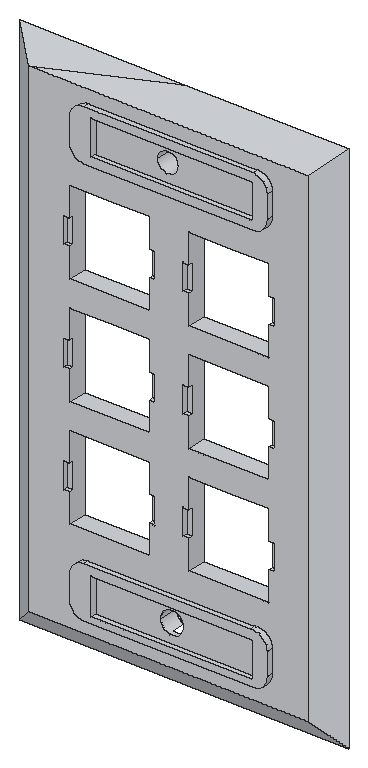
Revit family
Parameters
  Material ID = "760072215"
  Description = "STAINLESS STEEL TYPE FLUSH MOUNTED FACEPLATE WITH LABELS, 6 PORT"
Reference planes (in)
  plane 1 "Center (Front/Back)": y = 0
  plane 2: z = 0
  plane 3 "Center (Left/Right)": x = 0
Forms (in)
  Extrusion 1, solid, not visible
    sketch origin (0, -14.305, 0) x (1, 0, 0) y (0, 0, 1)
      loop
        line (-8.5516, 0.86) -> (-8.5516, 0.46) -> (-7.9516, 0.46) -> (-7.9516, 0.86) -> (-8.5516, 0.86)
    from 0 to 0.77696
  Blend 2, solid
    base sketch origin (0, 0, 0) x (1, 0, 0) y (0, 0, 1)
      loop
        line (0, 2.25) -> (-1.375, 2.25) -> (-1.375, -2.25) -> (1.375, -2.25) -> (1.375, 2.25) -> (0, 2.25)
    top sketch origin (0, 0, 0) x (1, 0, 0) y (0, 0, 1)
      loop
        line (-1.175, 2.05) -> (-1.175, -2.05) -> (1.175, -2.05) -> (1.175, 2.05) -> (-1.175, 2.05)
    from 0 to 0.16
  Extrusion 3, void
    sketch origin (0, 0, 0) x (1, 0, 0) y (0, 0, 1)
      loop
        line (-0.5, 0.354) -> (-0.835, 0.354) -> (-0.835, -0.354) -> (-0.165, -0.354) -> (-0.165, 0.354) -> (-0.5, 0.354)
      loop
        line (-0.5, 1.274) -> (-0.835, 1.274) -> (-0.835, 0.566) -> (-0.165, 0.566) -> (-0.165, 1.274) -> (-0.5, 1.274)
      loop
        line (-0.5, -0.566) -> (-0.835, -0.566) -> (-0.835, -1.274) -> (-0.165, -1.274) -> (-0.165, -0.566) -> (-0.5, -0.566)
      loop
        line (0.5, 0.354) -> (0.165, 0.354) -> (0.165, -0.354) -> (0.835, -0.354) -> (0.835, 0.354) -> (0.5, 0.354)
      loop
        line (0.5, 1.274) -> (0.165, 1.274) -> (0.165, 0.566) -> (0.835, 0.566) -> (0.835, 1.274) -> (0.5, 1.274)
      loop
        line (0.5, -0.566) -> (0.165, -0.566) -> (0.165, -1.274) -> (0.835, -1.274) -> (0.835, -0.566) -> (0.5, -0.566)
    from 0 to 12
  Extrusion 4, void
    sketch origin (0, 0, 0) x (1, 0, 0) y (0, 0, 1)
      loop
        line (-0.835, 0.109) -> (-0.8845, 0.109) -> (-0.8845, -0.109) -> (-0.835, -0.109) -> (-0.835, 0.109)
      loop
        line (-0.1155, 0.109) -> (-0.165, 0.109) -> (-0.165, -0.109) -> (-0.1155, -0.109) -> (-0.1155, 0.109)
      loop
        line (-0.835, 1.029) -> (-0.8845, 1.029) -> (-0.8845, 0.811) -> (-0.835, 0.811) -> (-0.835, 1.029)
      loop
        line (-0.1155, 1.029) -> (-0.165, 1.029) -> (-0.165, 0.811) -> (-0.1155, 0.811) -> (-0.1155, 1.029)
      loop
        line (-0.835, -0.811) -> (-0.8845, -0.811) -> (-0.8845, -1.029) -> (-0.835, -1.029) -> (-0.835, -0.811)
      loop
        line (-0.1155, -0.811) -> (-0.165, -0.811) -> (-0.165, -1.029) -> (-0.1155, -1.029) -> (-0.1155, -0.811)
      loop
        line (0.165, 0.109) -> (0.1155, 0.109) -> (0.1155, -0.109) -> (0.165, -0.109) -> (0.165, 0.109)
      loop
        line (0.8845, 0.109) -> (0.835, 0.109) -> (0.835, -0.109) -> (0.8845, -0.109) -> (0.8845, 0.109)
      loop
        line (0.165, 1.029) -> (0.1155, 1.029) -> (0.1155, 0.811) -> (0.165, 0.811) -> (0.165, 1.029)
      loop
        line (0.8845, 1.029) -> (0.835, 1.029) -> (0.835, 0.811) -> (0.8845, 0.811) -> (0.8845, 1.029)
      loop
        line (0.165, -0.811) -> (0.1155, -0.811) -> (0.1155, -1.029) -> (0.165, -1.029) -> (0.165, -0.811)
      loop
        line (0.8845, -0.811) -> (0.835, -0.811) -> (0.835, -1.029) -> (0.8845, -1.029) -> (0.8845, -0.811)
    from 0.12015 to 12
  Extrusion 5, solid
    sketch origin (0, 0, 0) x (1, 0, 0) y (0, 0, 1)
      loop
        arc (-0.67361, 1.94028) -> (-0.75645, 1.90597) -> (-0.79076, 1.82314) r 0.11715
        line (-0.79076, 1.82314) -> (-0.79076, 1.63288)
        arc (-0.79076, 1.63288) -> (-0.75561, 1.54803) -> (-0.67076, 1.51288) r 0.12
        line (-0.67076, 1.51288) -> (0.74543, 1.51288)
        arc (0.74543, 1.51288) -> (0.83028, 1.54803) -> (0.86543, 1.63288) r 0.12
        line (0.86543, 1.63288) -> (0.86543, 1.82298)
        arc (0.86543, 1.82298) -> (0.83107, 1.90593) -> (0.74812, 1.94028) r 0.1173
        line (0.74812, 1.94028) -> (-0.67361, 1.94028)
      loop
        arc (-0.67758, -1.49345) -> (-0.75799, -1.53085) -> (-0.79076, -1.61325) r 0.12
        line (-0.79076, -1.61325) -> (-0.79076, -1.80085)
        arc (-0.79076, -1.80085) -> (-0.75561, -1.8857) -> (-0.67076, -1.92085) r 0.12
        line (-0.67076, -1.92085) -> (0.74543, -1.92085)
        arc (0.74543, -1.92085) -> (0.83028, -1.8857) -> (0.86543, -1.80085) r 0.12
        line (0.86543, -1.80085) -> (0.86543, -1.61078)
        arc (0.86543, -1.61078) -> (0.82087, -1.51746) -> (0.72028, -1.49345) r 0.12
        line (0.72028, -1.49345) -> (-0.67758, -1.49345)
    from 0.16 to 0.21
  Extrusion 6, void
    sketch origin (0, 0, 0) x (1, 0, 0) y (0, 0, 1)
      loop
        line (-0.61626, 1.87578) -> (-0.61626, 1.58136) -> (0.74616, 1.58136) -> (0.74616, 1.87578) -> (-0.61626, 1.87578)
      loop
        line (-0.61626, -1.5623) -> (-0.61626, -1.86769) -> (0.74616, -1.86769) -> (0.74616, -1.5623) -> (-0.61626, -1.5623)
    from 0.16 to 12
  Extrusion 7, void
    sketch origin (0, 0, 0) x (1, 0, 0) y (0, 0, 1)
      loop
        circle (-0.00737, 1.7343) r 0.08643
      loop
        circle (0.02621, -1.71162) r 0.09717
    from 0 to 12
  Sweep 8, void
    path origin (0, 0, 0) x (1, 0, 0) y (0, 0, 1)
      loop
        line (1.28923, 2.19028) -> (-1.26312, 2.19028) -> (-1.26312, -2.05972) -> (1.28923, -2.05972) -> (1.28923, 2.19028)
    profile origin (0.01305, 0, 2.19028) x (0, 0, -1) y (0, -1, 0)
      loop
        line (0, 0) -> (0.25723, 0) -> (0.25723, 0.11434) -> (0.14635, 0.11434) -> (0, 0)
Cuts and joins
  Extrusion 3, Extrusion 4, Extrusion 6, Extrusion 7, Sweep 8 cuts Blend 2
  Extrusion 6, Extrusion 7 cuts Extrusion 5
